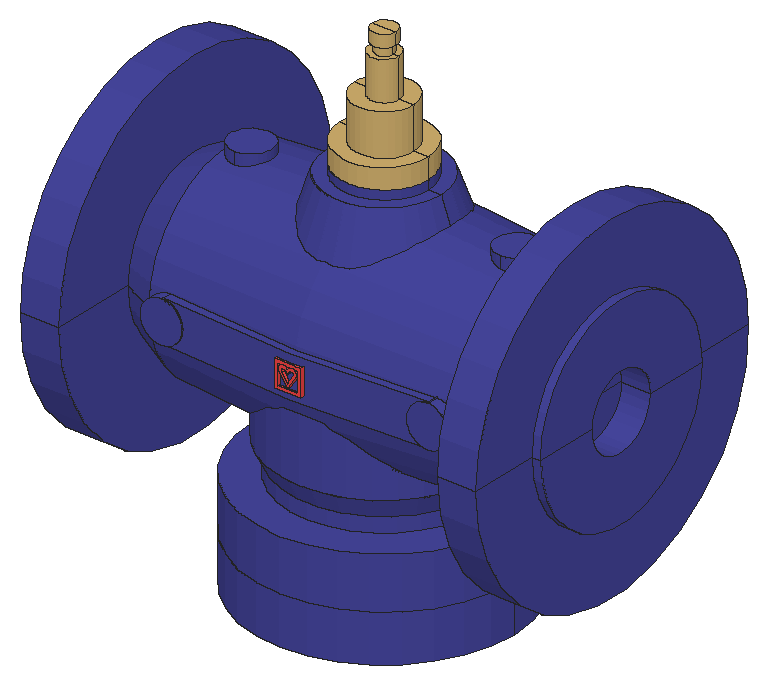
Revit family "Клапан проходной регулирующий, фланцевый F 4035_PN16", category Rohrzubehör, Revit 2019
Family settings
  Bemaßung runder Anschluss = Durchmesser verwenden
  Teiletyp = Unterbricht
  OmniClass-Nummer = 23.65.55.14
  OmniClass-Titel = Valves for Liquid Services
  Arbeitsebenenbasiert = Nein
  Immer vertikal = Ja
  Beim Laden mit Abzugskörper schneiden = Nein
  Gemeinsam genutzt = Nein
Parameters (values of type "kvs6.3")
  Среда = "Качество очистки воды должно соответствовать нормам ÖNORM H 5195 и VDI 2035 стандартам."
  Номер заказа [instance] = if(and(kvs1, Nennweite = 15 mm), 403501, if(and(kvs1.6, Nennweite = 15 mm), 403511, if(and(kvs2.5, Nennweite = 15 mm), 403521, if(and(kvs4, Nennweite = 15 mm), 403531, if(and(kvs6.3, Nennweite = 25 mm), 403503, if(and(kvs10, Nennweite = 25 mm), 403513, if(and(kvs16, Nennweite = 32 mm), 403504, if(and(kvs25, Nennweite = 40 mm), 403505, if(and(kvs40, Nennweite = 50 mm), 403516, if(and(kvs63, Nennweite = 65 mm), 403507, if(and(kvs100, Nennweite = 80 mm), 403508, if(and(kvs160, Nennweite = 100 mm), 403509, if(and(kvs250, Nennweite = 125 mm), 403510, if(and(kvs330, Nennweite = 150 mm), 403541, 0))))))))))))))  # 403503
  Вес [instance] = size_lookup("4035_PN16", "Gewicht", 25, Nennweite)  # 8
  kvs63 = no
  kvs6.3 = yes
  kvs40 = no
  kvs4 = no
  kvs330 = no
  kvs250 = no
  kvs25 = no
  kvs2.5 = no
  kvs160 = no
  kvs16 = no
  kvs100 = no
  kvs10 = no
  kvs1.6 = no
  kvs1 = no
  Седло клапана = "WN1.4021"  # constant formula
  Конус клапана = "WN1.4021/латунь"  # constant formula
  Пропускная характеристика клапана = "равнопроцентная"  # constant formula
  URL = "www.herz-armaturen.ru"
  Шток = "WN1.4404"  # constant formula
  SCTWSEQ = "FW;SBT_TYP_FW=\"101\";2"
  SCTWCODE = "04;05;02"  # constant formula
  SCRNSEQ = "ARM;ARM_TYP=\"DURR\";2"
  SCRNCODE = "05;06;02"  # constant formula
  R14 = 4 mm  # constant formula
  R13 = 3 mm  # constant formula
  R12 = 5 mm  # constant formula
  R11 [instance] = size_lookup("4035_PN16", "R11", 18 mm, Nennweite)  # 10 mm
  R10 [instance] = size_lookup("4035_PN16", "R10", 23 mm, Nennweite)  # 15 mm
  R09 [instance] = size_lookup("4035_PN16", "R9", 49 mm, Nennweite)  # 19.5 mm
  R08 [instance] = R00 + 3 mm  # 41 mm
  R07 [instance] = size_lookup("4035_PN16", "R7", 15.5 mm, Nennweite)  # 7 mm
  R06 [instance] = size_lookup("4035_PN16", "R6", 15.5 mm, Nennweite)  # 7 mm
  R05 [instance] = size_lookup("4035_PN16", "R5", 62.5 mm, Nennweite)  # 35.5 mm
  R04 [instance] = size_lookup("4035_PN16", "R4", 59.5 mm, Nennweite)  # 32.5 mm
  R03 [instance] = size_lookup("4035_PN16", "R3", 43 mm, Nennweite)  # 44 mm
  R02 [instance] = size_lookup("4035_PN16", "R2", 43 mm, Nennweite)  # 19.5 mm
  R01 [instance] = size_lookup("4035_PN16", "R1", 55.5 mm, Nennweite)  # 28.5 mm
  R00 [instance] = size_lookup("4035_PN16", "R", 65 mm, Nennweite)  # 38 mm
  PN = 16  # constant formula
  Nennweite [instance] = 25 mm
  Мин. рабочая температура = 5 °C  # constant formula
  Макс. рабочая температура = 150 °C  # constant formula
  Макс. рабочее давление = 1600000.0 Pa  # constant formula
  LO1 [instance] = size_lookup("4035_PN16", "LO1", 28.5 mm, Nennweite)  # 40 mm
  L07 [instance] = L06 - R06  # 45 mm
  L06 [instance] = size_lookup("4035_PN16", "L6", 110 mm, Nennweite)  # 52 mm
  L05 [instance] = D00  # 57.5 mm
  L03 = 10 mm  # constant formula
  L02 [instance] = size_lookup("4035_PN16", "L2", 15 mm, Nennweite)  # 13 mm
  L01 = 3 mm  # constant formula
  L00 [instance] = size_lookup("4035_PN16", "L", 145 mm, Nennweite)  # 80 mm
  Hersteller = "Herz-Armaturen GmbH"  # constant formula
  H18 [instance] = 17.5 mm  # constant formula
  H15 = 4 mm  # constant formula
  H14 [instance] = size_lookup("4035_PN16", "H14", 17 mm, Nennweite)  # 13 mm
  H13 [instance] = size_lookup("4035_PN16", "H13", 18 mm, Nennweite)  # 14 mm
  H12 [instance] = size_lookup("4035_PN16", "H12", 10.5 mm, Nennweite)  # 6.8 mm
  H11 [instance] = size_lookup("4035_PN16", "H11", 52.5 mm, Nennweite)  # 40.8 mm
  H10 [instance] = size_lookup("4035_PN16", "H10", 135.4 mm, Nennweite)  # 88.3 mm
  H09 = 3 mm  # constant formula
  H08 [instance] = size_lookup("4035_PN16", "H8", 79 mm, Nennweite)  # 44.5 mm
  H07 [instance] = R00  # 38 mm
  H06 [instance] = size_lookup("4035_PN16", "H6", 59 mm, Nennweite)  # 35 mm
  H05 [instance] = size_lookup("4035_PN16", "H5", 20 mm, Nennweite)  # 5 mm
  H04 [instance] = size_lookup("4035_PN16", "H4", 17 mm, Nennweite)  # 15 mm
  H02 [instance] = size_lookup("4035_PN16", "H2", 38 mm, Nennweite)  # 3 mm
  H03 [instance] = size_lookup("4035_PN16", "H3", 112 mm, Nennweite)  # 64 mm
  H01 [instance] = size_lookup("4035_PN16", "H1", 14 mm, Nennweite)  # 16 mm
  Корпус = "EN-GJL-250 (EN 1561)"  # constant formula
  Материал уплотнения = "70EPDM"  # constant formula
  DN80 [instance] = Nennweite = 80 mm  # no
  DN65 [instance] = Nennweite = 65 mm  # no
  DN50 [instance] = Nennweite = 50 mm  # no
  DN40 [instance] = Nennweite = 40 mm  # no
  DN32 [instance] = Nennweite = 32 mm  # no
  DN25 [instance] = Nennweite = 25 mm  # yes
  DN150 [instance] = Nennweite = 150 mm  # no
  DN15 [instance] = Nennweite = 15 mm  # no
  DN125 [instance] = Nennweite = 125 mm  # no
  DN100 [instance] = Nennweite = 100 mm  # no
  D02 [instance] = Nennweite / 2  # 12.5 mm
  D01 [instance] = size_lookup("4035_PN16", "D1", 61 mm, Nennweite)  # 34 mm
  D00 [instance] = size_lookup("4035_PN16", "D", 92.5 mm, Nennweite)  # 57.5 mm
  Description = ""
  Область применения = "Клапан может использоваться в системах отопления, вентиляции и кондиционирования воздуха, в производственных и технологических процессах. Пропускная характеристика клапана - равнопроцентная. Соотношение регулирования (соотношение между пропускной способностью при номинальной высоте хода Kvs и минимальным значением пропускной способности, при которой погрешность регулирования находится в пределах номинального допуска Kvmin) - 30. Выбор проходного фланцевого клапана осущетвляется в соответствии с диаграммой значений kvs."
  Фланцевое соединение = "EN 1092-2"  # constant formula
Types (15, lengths in mm): name | Номер заказа | Вес | kvs63 | kvs6.3 | kvs40 | kvs4 | kvs330 | kvs250 | kvs25 | kvs2.5 | kvs160 | kvs16 | kvs100 | kvs10 | kvs1.6 | kvs1 | R11 | R10 | R09 | R08 | R07 | R06 | R05 | R04 | R03 | R02 | R01 | R00 | Nennweite | LO1 | L07 | L06 | L05 | L02 | L00 | H14 | H13 | H12 | H11 | H10 | H08 | H07 | H06 | H05 | H04 | H02 | H03 | H01 | DN80 | DN50 | DN40 | DN32 | DN25 | DN150 | DN15 | DN125 | DN100 | D02 | D01 | D00
  (no name) | 403503 | 8 | no | yes | no | no | no | no | no | no | no | no | no | no | no | no | 10 | 15 | 19.5 | 41 | 7 | 7 | 35.5 | 32.5 | 44 | 19.5 | 28.5 | 38 | 25 | 40 | 45 | 52 | 57.5 | 13 | 80 | 13 | 14 | 6.8 | 40.8 | 88.3 | 44.5 | 38 | 35 | 5 | 15 | 3 | 64 | 16 | no | no | no | no | yes | no | no | no | no | 12.5 | 34 | 57.5
  kvs1 | 403501 | 5 | no | no | no | no | no | no | no | no | no | no | no | no | no | yes | 10 | 15 | 19.5 | 29.5 | 6 | 6 | 24 | 21 | 32.5 | 14 | 17 | 26.5 | 15 | 27.5 | 34 | 40 | 47.5 | 11 | 65 | 13 | 14 | 6.8 | 40.8 | 80.3 | 36.5 | 26.5 | 24.5 | 5 | 13 | 11 | 49 | 14 | no | no | no | no | no | no | yes | no | no | 7.5 | 22.5 | 47.5
  kvs1.6 | 403511 | 5 | no | no | no | no | no | no | no | no | no | no | no | no | yes | no | 10 | 15 | 19.5 | 29.5 | 6 | 6 | 24 | 21 | 32.5 | 14 | 17 | 26.5 | 15 | 27.5 | 34 | 40 | 47.5 | 11 | 65 | 13 | 14 | 6.8 | 40.8 | 80.3 | 36.5 | 26.5 | 24.5 | 5 | 13 | 11 | 49 | 14 | no | no | no | no | no | no | yes | no | no | 7.5 | 22.5 | 47.5
  kvs2.5 | 403521 | 5 | no | no | no | no | no | no | no | yes | no | no | no | no | no | no | 10 | 15 | 19.5 | 29.5 | 6 | 6 | 24 | 21 | 32.5 | 14 | 17 | 26.5 | 15 | 27.5 | 34 | 40 | 47.5 | 11 | 65 | 13 | 14 | 6.8 | 40.8 | 80.3 | 36.5 | 26.5 | 24.5 | 5 | 13 | 11 | 49 | 14 | no | no | no | no | no | no | yes | no | no | 7.5 | 22.5 | 47.5
  kvs4 | 403531 | 5 | no | no | no | yes | no | no | no | no | no | no | no | no | no | no | 10 | 15 | 19.5 | 29.5 | 6 | 6 | 24 | 21 | 32.5 | 14 | 17 | 26.5 | 15 | 27.5 | 34 | 40 | 47.5 | 11 | 65 | 13 | 14 | 6.8 | 40.8 | 80.3 | 36.5 | 26.5 | 24.5 | 5 | 13 | 11 | 49 | 14 | no | no | no | no | no | no | yes | no | no | 7.5 | 22.5 | 47.5
  kvs6.3 | 403503 | 8 | no | yes | no | no | no | no | no | no | no | no | no | no | no | no | 10 | 15 | 19.5 | 41 | 7 | 7 | 35.5 | 32.5 | 44 | 19.5 | 28.5 | 38 | 25 | 40 | 45 | 52 | 57.5 | 13 | 80 | 13 | 14 | 6.8 | 40.8 | 88.3 | 44.5 | 38 | 35 | 5 | 15 | 3 | 64 | 16 | no | no | no | no | yes | no | no | no | no | 12.5 | 34 | 57.5
  kvs10 | 403513 | 8 | no | no | no | no | no | no | no | no | no | no | no | yes | no | no | 10 | 15 | 19.5 | 41 | 7 | 7 | 35.5 | 32.5 | 44 | 19.5 | 28.5 | 38 | 25 | 40 | 45 | 52 | 57.5 | 13 | 80 | 13 | 14 | 6.8 | 40.8 | 88.3 | 44.5 | 38 | 35 | 5 | 15 | 3 | 64 | 16 | no | no | no | no | yes | no | no | no | no | 12.5 | 34 | 57.5
  kvs16 | 403504 | 11.5 | no | no | no | no | no | no | no | no | no | yes | no | no | no | no | 10 | 15 | 20.5 | 46 | 9 | 9 | 40.5 | 37.5 | 49 | 24.5 | 33.5 | 43 | 32 | 45 | 51 | 60 | 70 | 13 | 90 | 17 | 18 | 10.5 | 52.5 | 102 | 46.5 | 43 | 39 | 15 | 15 | 4 | 84 | 16 | no | no | no | yes | no | no | no | no | no | 16 | 39 | 70
  kvs25 | 403505 | 13 | no | no | no | no | no | no | yes | no | no | no | no | no | no | no | 10 | 15 | 20.5 | 51 | 12 | 12 | 45.5 | 42.5 | 54 | 29 | 38.5 | 48 | 40 | 50 | 56 | 68 | 75 | 13 | 100 | 17 | 18 | 10.5 | 52.5 | 112 | 56.5 | 48 | 43 | 20 | 15 | 1 | 94 | 16 | no | no | yes | no | no | no | no | no | no | 20 | 44 | 75
  kvs63 | 0 | 16 | yes | no | no | no | no | no | no | no | no | no | no | no | no | no | 18 | 23 | 49 | 56 | 13.5 | 13.5 | 52.5 | 49.5 | 61 | 34 | 45.5 | 53 | 50 | 56 | 66.5 | 80 | 82.5 | 15 | 115 | 17 | 18 | 10.5 | 52.5 | 122 | 66.5 | 53 | 43 | 1 | 15 | 42 | 67 | 18 | no | yes | no | no | no | no | no | no | no | 25 | 51 | 82.5
  kvs100 | 403508 | 31 | no | no | no | no | no | no | no | no | no | no | yes | no | no | no | 18 | 23 | 49 | 76 | 15.5 | 15.5 | 70.5 | 67.5 | 79 | 51 | 63.5 | 73 | 80 | 77 | 99.5 | 115 | 100 | 17 | 155 | 17 | 18 | 10.5 | 52.5 | 168.5 | 113 | 73 | 65 | 20 | 19 | 46 | 125 | 20 | yes | no | no | no | no | no | no | no | no | 40 | 69 | 100
  kvs160 | 403509 | 46 | no | no | no | no | no | no | no | no | yes | no | no | no | no | no | 30 | 35 | 61 | 86 | 20.5 | 20.5 | 80.5 | 77.5 | 89 | 61 | 73.5 | 83 | 100 | 88 | 112.5 | 133 | 110 | 17 | 175 | 21 | 22 | 14.2 | 64.2 | 189.7 | 122.5 | 83 | 73 | 25 | 19 | 65 | 135 | 20 | no | no | no | no | no | no | no | no | yes | 50 | 79 | 110
  kvs250 | 403510 | 72 | no | no | no | no | no | yes | no | no | no | no | no | no | no | no | 30 | 35 | 61 | 101 | 20.5 | 20.5 | 95.5 | 92.5 | 104 | 76 | 88.5 | 98 | 125 | 103 | 134.5 | 155 | 125 | 19 | 200 | 21 | 22 | 14.2 | 64.2 | 231 | 163.5 | 98 | 80 | 30 | 21 | 44 | 158 | 21 | no | no | no | no | no | no | no | yes | no | 62.5 | 94 | 125
  kvs330 | 403541 | 91 | no | no | no | no | yes | no | no | no | no | no | no | no | no | no | 30 | 35 | 61 | 113 | 20.5 | 20.5 | 107.5 | 104.5 | 116 | 88 | 100.5 | 110 | 150 | 115 | 174.5 | 195 | 142.5 | 19 | 240 | 21 | 22 | 14.2 | 64.2 | 237.5 | 170 | 110 | 85 | 25 | 21 | 42 | 153 | 21 | no | no | no | no | no | yes | no | no | no | 75 | 106 | 142.5
  Kvs40 | 403516 | 16 | no | no | yes | no | no | no | no | no | no | no | no | no | no | no | 18 | 23 | 49 | 56 | 13.5 | 13.5 | 52.5 | 49.5 | 61 | 34 | 45.5 | 53 | 50 | 56 | 66.5 | 80 | 82.5 | 15 | 115 | 17 | 18 | 10.5 | 52.5 | 122 | 66.5 | 53 | 43 | 1 | 15 | 42 | 67 | 18 | no | yes | no | no | no | no | no | no | no | 25 | 51 | 82.5
Reference planes
  plane 1 "Mitte (Vorne/hinten)": y = 0
  plane 2: z = 0
  plane 3 "Mitte (Links/rechts)": x = 0
Forms (mm)
  Revolve 1, solid, material "kunststoff-BLAU", detail levels fine
    sketch origin (1065, 0, 0) x (1, 0, 0) y (0, 1, 0)
      loop
        line (-1142, 34) -> (-1145, 34) -> (-1145, 12.5) -> (-1135, 12.5) -> (-1135, 0) -> (-995, 0) -> (-995, 12.5) -> (-985, 12.5) -> (-985, 34) -> (-988, 34) -> (-988, 57.5) -> (-1001, 57.5) -> (-1001, 28.5) -> (-1013, 34.447)
        arc (-1013, 34.447) -> (-1065, 38) -> (-1117, 34.447) r 382.331
        line (-1117, 34.447) -> (-1129, 28.5) -> (-1129, 57.5) -> (-1142, 57.5) -> (-1142, 34)
      axis (-985, 0) -> (-1145, 0)
    angle from 0 to 360
  Extrusion 2, solid, material "kunststoff-BLAU", detail levels fine
    sketch origin (0, 0, 0) x (-1, 0, 0) y (0, 0, -1)
      loop
        circle (45, 0) r 7
      loop
        circle (-45, 0) r 7
    from -38 to 38
  Extrusion 3, solid, material "kunststoff-BLAU", visible <- "DN65", detail levels fine
    sketch origin (0, 0, 0) x (1, 0, 0) y (0, 1, 0)
      loop
        arc (-95, -56.907) -> (0, -68) -> (95, -56.907) r 412.331
        line (95, -56.907) -> (95, 56.907)
        arc (95, 56.907) -> (0, 68) -> (-95, 56.907) r 412.331
        line (-95, 56.907) -> (-95, -56.907)
    from -15.5 to 15.5
  Revolve 4, solid, material "kunststoff-BLAU", detail levels fine
    sketch origin (0, 0, 0) x (1, 0, 0) y (0, 0, 1)
      loop
        line (-19.5, 44.5) -> (-35.5, 0) -> (0, 0) -> (0, 47.5) -> (-15, 47.5) -> (-15, 44.5) -> (-19.5, 44.5)
      axis (0, 47.5) -> (0, 0)
    angle from 0 to 360
  Revolve 5, solid, material "kunststoff-BLAU", detail levels fine
    sketch origin (0, 0, 0) x (1, 0, 0) y (0, 0, 1)
      loop
        line (0, 0) -> (-35.5, 0) -> (-35.5, -35) -> (-32.5, -41.5) -> (-32.5, -46.5) -> (-44, -46.5) -> (-44, -64) -> (0, -64) -> (0, 0)
      axis (0, 0) -> (0, -64)
    angle from 0 to 360
  Revolve 6, solid, material "kunststoff-BLAU", detail levels fine
    sketch origin (0, 0, 0) x (1, 0, 0) y (0, 0, 1)
      loop
        line (0, -64) -> (-44, -64) -> (-44, -80) -> (0, -80) -> (0, -64)
      axis (0, -64) -> (0, -80)
    angle from 0 to 360
  Extrusion 7, solid, material "kunststoff-BLAU", detail levels fine
    sketch origin (0, 0, 0) x (0, -1, 0) y (1, 0, 0)
      loop
        circle (0, -45) r 7
      loop
        circle (0, 45) r 7
    from -38 to 38
  Extrusion 8, solid, material "kunststoff-BLAU", visible <- "DN150", detail levels fine
    sketch origin (0, 0, 0) x (1, 0, 0) y (0, 1, 0)
      loop
        arc (-179.5, -78.475) -> (0, -115) -> (179.5, -78.475) r 459.331
        line (179.5, -78.475) -> (179.5, 78.475)
        arc (179.5, 78.475) -> (0, 115) -> (-179.5, 78.475) r 459.331
        line (-179.5, 78.475) -> (-179.5, -78.475)
    from -20.5 to 20.5
  Extrusion 9, solid, material "kunststoff-BLAU", visible <- "DN125", detail levels fine
    sketch origin (0, 0, 0) x (1, 0, 0) y (0, 1, 0)
      loop
        arc (-134.5, -82.301) -> (0, -103) -> (134.5, -82.301) r 447.331
        line (134.5, -82.301) -> (134.5, 82.301)
        arc (134.5, 82.301) -> (0, 103) -> (-134.5, 82.301) r 447.331
        line (-134.5, 82.301) -> (-134.5, -82.301)
    from -20.5 to 20.5
  Extrusion 10, solid, material "kunststoff-BLAU", visible <- "DN100", detail levels fine
    sketch origin (0, 0, 0) x (1, 0, 0) y (0, 1, 0)
      loop
        arc (-112.5, -73.106) -> (0, -88) -> (112.5, -73.106) r 432.331
        line (112.5, -73.106) -> (112.5, 73.106)
        arc (112.5, 73.106) -> (0, 88) -> (-112.5, 73.106) r 432.331
        line (-112.5, 73.106) -> (-112.5, -73.106)
    from -20.5 to 20.5
  Extrusion 11, solid, material "kunststoff-BLAU", visible <- "DN80", detail levels fine
    sketch origin (0, 0, 0) x (1, 0, 0) y (0, 1, 0)
      loop
        line (99.5, -65.083) -> (99.5, 65.083)
        arc (99.5, 65.083) -> (0, 77) -> (-99.5, 65.083) r 421.331
        line (-99.5, 65.083) -> (-99.5, -65.083)
        arc (-99.5, -65.083) -> (0, -77) -> (99.5, -65.083) r 421.331
    from -15.5 to 15.5
  Extrusion 12, solid, material "kunststoff-BLAU", visible <- "DN50", detail levels fine
    sketch origin (0, 0, 0) x (1, 0, 0) y (0, 1, 0)
      loop
        arc (-66.5, -50.44) -> (0, -56.006) -> (66.5, -50.44) r 400.05
        line (66.5, -50.44) -> (66.5, 50.44)
        arc (66.5, 50.44) -> (0, 56.006) -> (-66.5, 50.44) r 400.05
        line (-66.5, 50.44) -> (-66.5, -50.44)
    from -13.5 to 13.5
  Extrusion 13, solid, material "kunststoff-BLAU", visible <- "DN40", detail levels fine
    sketch origin (0, 0, 0) x (1, 0, 0) y (0, 1, 0)
      loop
        arc (-56, -46.003) -> (0, -50) -> (56, -46.003) r 394.331
        line (56, -46.003) -> (56, 46.003)
        arc (56, 46.003) -> (0, 50) -> (-56, 46.003) r 394.331
        line (-56, 46.003) -> (-56, -46.003)
    from -12 to 12
  Extrusion 14, solid, material "kunststoff-BLAU", visible <- "DN32", detail levels fine
    sketch origin (0, 0, 0) x (1, 0, 0) y (0, 1, 0)
      loop
        arc (-51, -41.645) -> (0, -45) -> (51, -41.645) r 389.331
        line (51, -41.645) -> (51, 41.645)
        arc (51, 41.645) -> (0, 45) -> (-51, 41.645) r 389.331
        line (-51, 41.645) -> (-51, -41.645)
    from -9 to 9
  Extrusion 15, solid, material "kunststoff-BLAU", visible <- "DN25", detail levels fine
    sketch origin (0, 0, 0) x (1, 0, 0) y (0, 1, 0)
      loop
        line (45, -37.356) -> (45, 37.356)
        arc (45, 37.356) -> (0, 40) -> (-45, 37.356) r 384.331
        line (-45, 37.356) -> (-45, -37.356)
        arc (-45, -37.356) -> (0, -40) -> (45, -37.356) r 384.331
    from -7 to 7
  Extrusion 16, solid, material "kunststoff-BLAU", visible <- "DN15", detail levels fine
    sketch origin (0, 0, 0) x (1, 0, 0) y (0, 1, 0)
      loop
        line (-34, 25.942) -> (-34, -25.942)
        arc (-34, -25.942) -> (0, -27.5) -> (34, -25.942) r 371.831
        line (34, -25.942) -> (34, 25.942)
        arc (34, 25.942) -> (0, 27.5) -> (-34, 25.942) r 371.831
    from -6 to 6
  Revolve 17, solid, material "Messing-poliert", detail levels fine
    sketch origin (0, 0, 0) x (1, 0, 0) y (0, 0, 1)
      loop
        line (-15, 54.3) -> (-15, 47.5) -> (0, 47.5) -> (0, 88.3) -> (-4, 88.3) -> (-4, 84.3) -> (-3, 84.3) -> (-3, 81.3) -> (-5, 81.3) -> (-5, 68.3) -> (-10, 68.3) -> (-10, 54.3) -> (-15, 54.3)
      axis (0, 88.3) -> (0, 47.5)
    angle from 0 to 360
Lines and regions (mm)
  model lines, detail levels coarse+medium
    curve 1: line (80, 0, 57.5) -> (80, 0, -57.5)
    curve 2: line (80, 0, -57.5) -> (-80, 0, 57.5)
    curve 3: line (-80, 0, 57.5) -> (-80, 0, -57.5)
    curve 4: line (-80, 0, -57.5) -> (80, 0, 57.5)
    curve 5: line (80, 57.5, 0) -> (80, -57.5, 0)
    curve 6: line (80, -57.5, 0) -> (-80, 57.5, 0)
    curve 7: line (-80, 57.5, 0) -> (-80, -57.5, 0)
    curve 8: line (-80, -57.5, 0) -> (80, 57.5, 0)
Dimensions and locks
  "L00": Revolve 1 sketch curve to plane 3 "Mitte (Links/rechts)" to Revolve 1 sketch curve
  "D00": plane 1 "Mitte (Vorne/hinten)" to Revolve 1 sketch curve  (x2)
  "D02": plane 1 "Mitte (Vorne/hinten)" to Revolve 1 sketch curve  (x2)
  "L01": Revolve 1 sketch curve to Revolve 1 sketch curve  (x2)
  "L02": Revolve 1 sketch curve to Revolve 1 sketch curve  (x2)
  "D01": plane 1 "Mitte (Vorne/hinten)" to Revolve 1 sketch curve  (x2)
  "R01": plane 1 "Mitte (Vorne/hinten)" to Revolve 1 sketch curve  (x2)
  "R00": Revolve 1 sketch curve to Revolve 1 sketch curve
  "L03": Revolve 1 sketch curve to Revolve 1 sketch curve  (x2)
  "H01": Revolve 6 sketch curve to Revolve 6 sketch curve
  "R03": plane 3 "Mitte (Links/rechts)" to Revolve 6 sketch curve
  "R03": Revolve 5 sketch curve to Revolve 5 sketch curve
  "H03": plane 2 to Revolve 5 sketch curve
  "H06": Revolve 5 sketch curve to Revolve 5 sketch curve
  "R04": Revolve 5 sketch curve to Revolve 5 sketch curve
  "R05": Revolve 5 sketch curve to Revolve 5 sketch curve
  "H05": Revolve 5 sketch curve to Revolve 5 sketch curve
  "L06": Revolve 1 sketch curve to plane 3 "Mitte (Links/rechts)" to Revolve 1 sketch curve
  "H03": plane 2 to Revolve 6 sketch curve
  "R09": Revolve 4 sketch curve to Revolve 4 sketch curve
  "R05": Revolve 4 sketch curve to Revolve 4 sketch curve
  "H07": Extrusion 7 to plane 2 to Extrusion 7  (x2)
  "L07": plane 3 "Mitte (Links/rechts)" to Extrusion 7 sketch curve
  "L07": Extrusion 7 sketch curve to plane 3 "Mitte (Links/rechts)"
  "H07": Extrusion 2 to plane 1 "Mitte (Vorne/hinten)"  (x3)
  "L07": plane 3 "Mitte (Links/rechts)" to Extrusion 2 sketch curve
  "L07": Extrusion 2 sketch curve to plane 3 "Mitte (Links/rechts)"
  "H07": plane 1 "Mitte (Vorne/hinten)" to Extrusion 2
  "H08": Revolve 4 sketch curve to plane 2
  "H09": Revolve 4 sketch curve to Revolve 4 sketch curve
  "R10": plane 3 "Mitte (Links/rechts)" to Revolve 4 sketch curve
  "H11": Revolve 17 sketch curve to Revolve 17 sketch curve
  "H10": Revolve 17 sketch curve to plane 2
  "R10": plane 3 "Mitte (Links/rechts)" to Revolve 17 sketch curve
  "H12": Revolve 17 sketch curve to Revolve 17 sketch curve
  "H13": Revolve 17 sketch curve to Revolve 17 sketch curve
  "H14": Revolve 17 sketch curve to Revolve 17 sketch curve
  "H15": Revolve 17 sketch curve to Revolve 17 sketch curve
  "R14": plane 3 "Mitte (Links/rechts)" to Revolve 17 sketch curve
  "R13": plane 3 "Mitte (Links/rechts)" to Revolve 17 sketch curve
  "R11": plane 3 "Mitte (Links/rechts)" to Revolve 17 sketch curve
  "R12": plane 3 "Mitte (Links/rechts)" to Revolve 17 sketch curve
  "LO1": nested 1 to plane 1 "Mitte (Vorne/hinten)"
  "H18": Revolve 5 sketch curve to Revolve 6
  "D00": curve 3 to plane 2 to curve 4
  "D00": curve 4 to plane 2 to curve 2
  "L00": curve 3 to plane 3 "Mitte (Links/rechts)" to curve 1
  "D00": curve 8 to plane 1 "Mitte (Vorne/hinten)" to curve 7
  "D00": curve 5 to plane 1 "Mitte (Vorne/hinten)" to curve 8
  "L00": curve 7 to plane 3 "Mitte (Links/rechts)" to curve 5
  "R06": radius of Extrusion 7 sketch curve  (x2)
  "R07": radius of Extrusion 2 sketch curve  (x2)
  aligned and locked: level to plane 2
Automatic sketch dimensions
  Extrusion 3 sketch curve to plane 1 "Mitte (Vorne/hinten)" = 56.907 mm  (x2)
  Extrusion 3 sketch curve to plane 3 "Mitte (Links/rechts)" = 0 mm  (x2)
  Extrusion 3 sketch curve to Extrusion 3 sketch curve = 113.814 mm
  Extrusion 3 sketch curve to Extrusion 3 sketch curve = 287.425 mm
  Extrusion 3 sketch curve to plane 1 "Mitte (Vorne/hinten)" = 344.331 mm
  plane 3 "Mitte (Links/rechts)" to Extrusion 3 sketch curve = 95 mm
  Extrusion 8 sketch curve to plane 3 "Mitte (Links/rechts)" = 0 mm  (x2)
  Extrusion 8 sketch curve to plane 1 "Mitte (Vorne/hinten)" = 78.475 mm  (x2)
  plane 1 "Mitte (Vorne/hinten)" to Extrusion 8 sketch curve = 78.475 mm
  Extrusion 8 sketch curve to plane 3 "Mitte (Links/rechts)" = 179.5 mm
  Extrusion 8 sketch curve to Extrusion 8 sketch curve = 265.857 mm
  Extrusion 8 sketch curve to plane 1 "Mitte (Vorne/hinten)" = 344.331 mm
  plane 3 "Mitte (Links/rechts)" to Extrusion 9 sketch curve = 134.5 mm
  plane 1 "Mitte (Vorne/hinten)" to Extrusion 9 sketch curve = 82.301 mm  (x2)
  Extrusion 9 sketch curve to plane 3 "Mitte (Links/rechts)" = 0 mm  (x2)
  Extrusion 9 sketch curve to Extrusion 9 sketch curve = 262.031 mm  (x2)
  Extrusion 9 sketch curve to plane 1 "Mitte (Vorne/hinten)" = 82.301 mm
  Extrusion 10 sketch curve to plane 3 "Mitte (Links/rechts)" = 0 mm  (x2)
  plane 1 "Mitte (Vorne/hinten)" to Extrusion 10 sketch curve = 73.106 mm
  Extrusion 10 sketch curve to plane 3 "Mitte (Links/rechts)" = 112.5 mm
  Extrusion 10 sketch curve to Extrusion 10 sketch curve = 271.225 mm
  Extrusion 10 sketch curve to plane 1 "Mitte (Vorne/hinten)" = 344.331 mm
  Extrusion 10 sketch curve to plane 1 "Mitte (Vorne/hinten)" = 73.106 mm  (x2)
  Extrusion 11 sketch curve to plane 3 "Mitte (Links/rechts)" = 0 mm  (x2)
  plane 1 "Mitte (Vorne/hinten)" to Extrusion 11 sketch curve = 65.083 mm  (x2)
  Extrusion 11 sketch curve to plane 3 "Mitte (Links/rechts)" = 99.5 mm
  Extrusion 11 sketch curve to Extrusion 11 sketch curve = 279.249 mm
  Extrusion 11 sketch curve to plane 1 "Mitte (Vorne/hinten)" = 344.331 mm
  Extrusion 11 sketch curve to plane 1 "Mitte (Vorne/hinten)" = 65.083 mm
  Extrusion 12 sketch curve to plane 3 "Mitte (Links/rechts)" = 0 mm  (x2)
  Extrusion 12 sketch curve to plane 3 "Mitte (Links/rechts)" = 66.5 mm
  plane 3 "Mitte (Links/rechts)" to Extrusion 12 sketch curve = 66.5 mm
  plane 1 "Mitte (Vorne/hinten)" to Extrusion 12 sketch curve = 344.044 mm
  plane 1 "Mitte (Vorne/hinten)" to Extrusion 12 sketch curve = 50.44 mm
  Extrusion 12 sketch curve to plane 1 "Mitte (Vorne/hinten)" = 50.44 mm
  Extrusion 12 sketch curve to Extrusion 12 sketch curve = 293.604 mm
  Extrusion 13 sketch curve to plane 3 "Mitte (Links/rechts)" = 0 mm  (x2)
  Extrusion 13 sketch curve to plane 3 "Mitte (Links/rechts)" = 56 mm
  plane 3 "Mitte (Links/rechts)" to Extrusion 13 sketch curve = 56 mm
  plane 1 "Mitte (Vorne/hinten)" to Extrusion 13 sketch curve = 344.331 mm
  plane 1 "Mitte (Vorne/hinten)" to Extrusion 13 sketch curve = 46.003 mm
  Extrusion 13 sketch curve to plane 1 "Mitte (Vorne/hinten)" = 46.003 mm
  Extrusion 13 sketch curve to Extrusion 13 sketch curve = 298.328 mm
  Extrusion 14 sketch curve to plane 3 "Mitte (Links/rechts)" = 0 mm  (x2)
  Extrusion 14 sketch curve to plane 3 "Mitte (Links/rechts)" = 51 mm
  plane 3 "Mitte (Links/rechts)" to Extrusion 14 sketch curve = 51 mm
  plane 1 "Mitte (Vorne/hinten)" to Extrusion 14 sketch curve = 344.331 mm
  plane 1 "Mitte (Vorne/hinten)" to Extrusion 14 sketch curve = 41.645 mm
  Extrusion 14 sketch curve to plane 1 "Mitte (Vorne/hinten)" = 41.645 mm
  Extrusion 14 sketch curve to Extrusion 14 sketch curve = 302.686 mm
  Extrusion 15 sketch curve to plane 3 "Mitte (Links/rechts)" = 0 mm  (x2)
  Extrusion 15 sketch curve to plane 3 "Mitte (Links/rechts)" = 45 mm
  plane 3 "Mitte (Links/rechts)" to Extrusion 15 sketch curve = 45 mm
  plane 1 "Mitte (Vorne/hinten)" to Extrusion 15 sketch curve = 344.331 mm
  plane 1 "Mitte (Vorne/hinten)" to Extrusion 15 sketch curve = 37.356 mm
  Extrusion 15 sketch curve to plane 1 "Mitte (Vorne/hinten)" = 37.356 mm
  Extrusion 15 sketch curve to Extrusion 15 sketch curve = 306.975 mm
  Extrusion 16 sketch curve to plane 3 "Mitte (Links/rechts)" = 0 mm  (x2)
  Extrusion 16 sketch curve to plane 3 "Mitte (Links/rechts)" = 34 mm
  plane 3 "Mitte (Links/rechts)" to Extrusion 16 sketch curve = 34 mm
  plane 1 "Mitte (Vorne/hinten)" to Extrusion 16 sketch curve = 344.331 mm
  plane 1 "Mitte (Vorne/hinten)" to Extrusion 16 sketch curve = 25.942 mm
  Extrusion 16 sketch curve to plane 1 "Mitte (Vorne/hinten)" = 25.942 mm
  Extrusion 16 sketch curve to Extrusion 16 sketch curve = 318.389 mm
  plane 1 "Mitte (Vorne/hinten)" to Revolve 1 sketch curve = 0 mm  (x2)
  Revolve 1 sketch curve to plane 3 "Mitte (Links/rechts)" = 0 mm
  plane 1 "Mitte (Vorne/hinten)" to Revolve 1 sketch curve = 344.331 mm
  Revolve 1 sketch curve to Revolve 1 sketch curve = 1855 mm  (x2)
  Extrusion 2 sketch curve to level = 0 mm  (x2)
  Revolve 4 sketch curve to level = 0 mm
  Revolve 4 sketch curve to plane 3 "Mitte (Links/rechts)" = 0 mm  (x2)
  Revolve 4 sketch curve to Revolve 4 sketch curve = 366.045 mm
  Revolve 4 sketch curve to Revolve 4 sketch curve = 2132.315 mm
  Revolve 5 sketch curve to level = 0 mm
  Revolve 5 sketch curve to plane 3 "Mitte (Links/rechts)" = 0 mm  (x2)
  Revolve 5 sketch curve to Revolve 5 sketch curve = 254.045 mm
  level to Revolve 5 sketch curve = 2214.315 mm
  Revolve 6 sketch curve to plane 3 "Mitte (Links/rechts)" = 0 mm  (x2)
  Revolve 6 sketch curve to Revolve 6 sketch curve = 0 mm
  level to Revolve 6 sketch curve = 2214.315 mm
  plane 1 "Mitte (Vorne/hinten)" to Extrusion 7 sketch curve = 0 mm  (x2)
  Revolve 17 sketch curve to plane 3 "Mitte (Links/rechts)" = 0 mm  (x2)
  Revolve 17 sketch curve to level = 366.045 mm
  Revolve 17 sketch curve to Revolve 17 sketch curve = 2079.815 mm
Nested families
  nested 1: "Herz-Logo-vorne" at (-0.018, -40, 0) x (0, 1, 0) z (0, 0, 1), type "Herz-Logo-vorne", detail levels fine
Connectors
  piping at (-80, 0, 0), diameter 25, driven by "Nennweite"
    settings: on Revolve 1, index 1, connector inside diameter 609.6 mm, connector length 0 mm, flow factor 0, pipe flow 0.0 L/s, pressure drop 0.0 Pa, fitting loss kfactor 0, connector angle 0.00°, fixture units 0, engagement length 0 mm, angle of deflection 0.00°, flow configuration 0, flow direction 1, fitting loss method 0, system type 29, joint type 0, gender type 0, connector reference index -1, connector utility 0, adjustable connector no, is connector primary yes, connector description ""
  piping at (80, 0, 0), diameter 25, driven by "Nennweite"
    settings: on Revolve 1, index 2, connector inside diameter 609.6 mm, connector length 0 mm, flow factor 0, pipe flow 0.0 L/s, pressure drop 0.0 Pa, fitting loss kfactor 0, connector angle 0.00°, fixture units 0, engagement length 0 mm, angle of deflection 0.00°, flow configuration 0, flow direction 2, fitting loss method 0, system type 29, joint type 0, gender type 0, connector reference index -1, connector utility 0, adjustable connector no, is connector primary no, connector description ""
Definition of nested family "Herz-Logo-vorne"
  Reference planes
    plane 1 "Mitte (Vorne/hinten)": y = 0
    plane 2: z = 0
    plane 3 "Mitte (Links/rechts)": x = 0
  Forms (mm)
    Extrusion 1, solid
      sketch origin (0.732, -0.018, 0.017) x (0, -1, 0) y (0, 0, 1)
        loop
          line (-0.018, -4.517) -> (4.482, -4.517) -> (4.482, 4.483) -> (-4.518, 4.483) -> (-4.518, -4.517) -> (-0.018, -4.517)
        loop
          line (-0.05, -3.48) -> (3.482, -3.48) -> (3.482, 3.483) -> (-3.518, 3.483) -> (-3.518, -3.48) -> (-0.05, -3.48)
        loop
          arc (-0.018, 2.383) -> (-1.543, 3.287) -> (-3.067, 2.383) r 1.738
          arc (-3.067, 2.383) -> (-3.191, 1.899) -> (-3.067, 1.415) r 1.009
          line (-3.067, 1.415) -> (-0.018, -3.281) -> (3.032, 1.415)
          arc (3.032, 1.415) -> (3.156, 1.899) -> (3.032, 2.383) r 1.009
          arc (3.032, 2.383) -> (1.507, 3.287) -> (-0.018, 2.383) r 1.738
        loop
          arc (1.885, 1.272) -> (2.005, 1.675) -> (1.885, 2.079) r 0.74
          arc (1.885, 2.079) -> (1.265, 2.416) -> (0.644, 2.079) r 0.74
          line (0.644, 2.079) -> (-0.018, 0.97) -> (-0.679, 2.079)
          arc (-0.679, 2.079) -> (-1.3, 2.416) -> (-1.921, 2.079) r 0.74
          arc (-1.921, 2.079) -> (-2.04, 1.675) -> (-1.921, 1.272) r 0.74
          line (-1.921, 1.272) -> (-0.018, -1.658) -> (1.885, 1.272)
      from 0 to 1.5
  Dimensions and locks
    aligned and locked: level to plane 2
